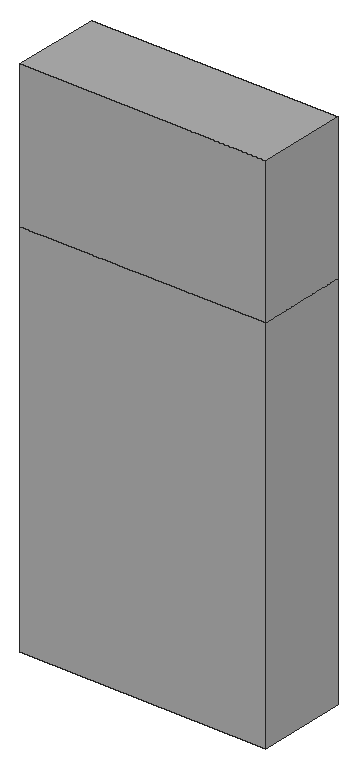
Revit family "Platek_Team Bollard_1_Opening", category Apparecchi per illuminazione, Revit 2017
Family settings
  Quota connettore circolare = Usa diametro
  Tipo di parte = Normale
  Basato su piano di lavoro = No
  Sempre verticale = Sì
  Taglio con vuoti quando caricato = No
  Sorgente d'illuminazione = Sì
  Condiviso = No
  Punto di calcolo locali = No
Parameters (values of type "3440619_17W_LED_3000K_H600mm")
  Wattage = 6.0185 W
  Variazione temperatura colore lampada con luminosità attenuata = <Nessuno>
  URL = "www.platek.eu"
  built-in parameter 1150107 = 3000 (stored number, unit not read)
  Supply Voltage Min = 220 V
  Supply Voltage Max = 240 V
  Supply Voltage = 230 V
  Rendi la forma visibile nel rendering = no
  Produttore = "PLATEK SRL"  # constant formula
  Product Page URL = "http://www.platek.eu/eng/catalogo.php?catseaname=TEAM+BOLLARD"
  Product Documentation Link = "http://www.platek.eu/eng/catalogo.php?catseaname=TEAM+BOLLARD"
  Product Dimension = "L280mm x L102mm x H600mm"
  Power Supply Unit = "Included"
  built-in parameter 1150110 = 1 (stored number, unit not read)
  built-in parameter 1150109 = 1 (stored number, unit not read)
  built-in parameter 1114218 = 1 (stored number, unit not read)
  built-in parameter 1150112 = 1 (stored number, unit not read)
  PLATEK FInishes = "Painted Aluminium Avalaible in Anthracite/Black/White/Corten/Bronze"
  PLATEK Article Code = "3440619"
  Nota chiave = "Other Led colors available on request"
  Mounting Type = "Ground"
  Modello = "TEAM BOLLARD"  # constant formula
  built-in parameter 1150137 = (empty or 0)
  built-in parameter 1150132 = 2
  Manufacturer Comment = "Weight 4,50 Kg"
  Luminaire Wattage = 17 W
  Luminaire Luminous Intensity = 724.8 cd
  Luminaire Luminous Flux = 894 lm
  Light Source = PLK_Light Source
  Lampada = "LED"
  LED Protection = "Surge protection included"
  built-in parameter 1150105 = 71.142 (stored number, unit not read)
  built-in parameter 1150102 = (empty or 0)
  Insulation Class = "2"
  Immagine tipo = Team_paletto_600_2.jpg
  built-in parameter 1150106 = 0.71142 (stored number, unit not read)
  IP Rating = "IP66"
  IK Rating = "IK 08"
  Height 434_734 = yes
  Height = if(Height 434_734, 434.000 mm, 734.000 mm)  # 434.000 mm
  Frequency = "50/60 Hz"
  Lumens = 894 lm
  Color Filter = 16777215
  File diagramma fotometrico = "3440619.IES"
  built-in parameter 1114217 = 1 (stored number, unit not read)
  built-in parameter 1150139 = (empty or 0)
  Energy Efficiency Rating = "A/A+/A++"
  Emit from Rectangle Length = 230.000 mm
  Emetti da larghezza rettangolo = 23.000 mm
  built-in parameter 1150104 = 13.8 (stored number, unit not read)
  built-in parameter 1150115 = 1 (stored number, unit not read)
  built-in parameter 1150114 = 1 (stored number, unit not read)
  built-in parameter 1150113 = 1 (stored number, unit not read)
  Dimmable = "Yes"
  Diffuse Type = "PMMA"
  Descrizione = "Outdoor Lighting, Floor/Ground Illumination"
  Commenti sul tipo = "Pedestrian areas, Urban zones, Paths, Roads"
  Colour Temperature = 3000 K
  built-in parameter 1150134 = (empty or 0)
  built-in parameter 1150138 = (empty or 0)
  Codice assieme = "3440619.06(Grey); 3440619.08(Anthracite); 3440619.01(Black); 3440619.02(White); 3440619.07(Corten); 3440619.09(Bronze)"
  Apparent Load = 0 VA
  Cable Lenght = "Max Ø 7mm"
  CRI = ">80"
  Body = PLK_Grey
  Beam Angle = 0.00°
  Angolo inclinazione = 90.00°
  Aluminium = PLK_Light Source
  built-in parameter 1150133 = 10 (stored number, unit not read)
Types (3, lengths in mm): name | Product Dimension | PLATEK Article Code | Manufacturer Comment | Immagine tipo | Height 434_734 | Height | File diagramma fotometrico | Codice assieme
  (no name) | "L280mm x L102mm x H600mm" | "3440619" | "Weight 4,50 Kg" | Team_paletto_600_2.jpg | yes | 434.000 | "3440619.IES" | "3440619.06(Grey); 3440619.08(Anthracite); 3440619.01(Black); 3440619.02(White); 3440619.07(Corten); 3440619.09(Bronze)"
  3440419_17W_LED_3000K_H900mm | "L280mm x L102mm x H900mm" | "3440419" | "Weight 7,00 Kg" | Team_paletto_900_2.jpg | no | 734.000 | "3440419.IES" | "3440419.06(Grey); 3440419.08(Anthracite); 3440419.01(Black); 3440419.02(White); 3440419.07(Corten); 3440419.09(Bronze)"
  3440619_17W_LED_3000K_H600mm | "L280mm x L102mm x H600mm" | "3440619" | "Weight 4,50 Kg" | Team_paletto_600_2.jpg | yes | 434.000 | "3440619.IES" | "3440619.06(Grey); 3440619.08(Anthracite); 3440619.01(Black); 3440619.02(White); 3440619.07(Corten); 3440619.09(Bronze)"
Reference planes
  plane 1 "Centro (Fronte/Retro)": y = 0
  plane 2: z = 0
  plane 3 "Centro (Sinistra/Destra)": x = 0
  plane 4: z = 600
  plane 5: z = 434
  plane 6: y = 51
  plane 7: y = -51
  plane 8: x = -140
  plane 9: x = 140
  plane 10: z = 575
  plane 11: z = 537
  plane 12: x = -130.5
  plane 13: y = 20
  plane 14: y = 27
  plane 15: z = 538
  plane 16: x = 130.5
  plane 17: x = -116
  plane 18: x = 116
Forms (mm)
  Extrusion 1, solid, material "PLK_Grey" <- "Body", detail levels medium+fine
    sketch origin (0, 0, 1892.5) x (-1, 0, 0) y (0, -1, 0)
      loop
        line (140, -51) -> (140, 51) -> (-140, 51) -> (-140, -51) -> (140, -51)
    from -1458.5 to -1292.5
  Extrusion 2, void
    sketch origin (0, 0, 0) x (1, 0, 0) y (0, 0, 1)
      loop
        line (-130.5, 434) -> (130.5, 434) -> (130.5, 575) -> (-130.5, 575) -> (-130.5, 434)
    from -51 to -20
  Extrusion 3, solid, material "PLK_Grey" <- "Body", detail levels medium+fine
    sketch origin (0, 0, 0) x (0, 1, 0) y (0, 0, 1)
      loop
        line (19.956, 538) -> (19.956, 434) -> (51.01, 434) -> (27, 538) -> (19.956, 538)
    from -116 to 116
  Extrusion 4, solid, material "PLK_Grey" <- "Body", detail levels medium+fine
    sketch origin (0, 0, 0) x (1, 0, 0) y (0, 0, 1)
      loop
        line (-130.5, 434) -> (-116, 434) -> (-116, 538) -> (116, 538) -> (116, 434) -> (130.5, 434) -> (130.5, 575) -> (-130.5, 575) -> (-130.5, 434)
    from -51 to -20
  Extrusion 5, solid, material "PLK_Grey" <- "Body", detail levels medium+fine
    sketch origin (0, 0, 1892.5) x (-1, 0, 0) y (0, -1, 0)
      loop
        line (140, -51) -> (140, 51) -> (-140, 51) -> (-140, -51) -> (140, -51)
    from -1892.5 to -1458.5
  Extrusion 6, solid, material "PLK_Light Source" <- "Light Source", detail levels fine
    sketch origin (0, 0, 0) x (1, 0, 0) y (0, 0, 1)
      loop
        line (-116, 538) -> (-116, 537) -> (116, 537) -> (116, 538) -> (-116, 538)
    from -51 to -27
  Extrusion 7, solid, material "PLK_Grey" <- "Body", detail levels coarse
    sketch origin (0, 0, 1892.5) x (-1, 0, 0) y (0, -1, 0)
      loop
        line (140, -51) -> (140, 51) -> (-140, 51) -> (-140, -51) -> (140, -51)
    from -1892.5 to -1292.5
Cuts and joins
  Extrusion 2 cuts Extrusion 1
Dimensions and locks
  equal spacing: plane 6, plane 1 "Centro (Fronte/Retro)", plane 7, locked at 51 each
  locked: plane 4 to plane 10 at 25
  locked: plane 10 to plane 11 at 38
  plane 9 to plane 3 "Centro (Sinistra/Destra)" to plane 8 = 140.000 mm, 140.000 mm
  plane 12 to plane 3 "Centro (Sinistra/Destra)" = 130.500 mm
  locked: plane 6 to plane 13 at 31
  plane 6 to plane 14 to plane 13 = 24.000 mm, 7.000 mm
  locked: plane 15 to plane 11 at 1
  equal spacing: plane 8, plane 3 "Centro (Sinistra/Destra)", plane 9, locked at 140 each
  plane 8 to plane 3 "Centro (Sinistra/Destra)" = 140.000 mm
  locked: plane 8 to plane 12 at 9.5
  locked: plane 16 to plane 9 at 9.5
  locked: plane 17 to plane 12 at 14.5
  locked: plane 16 to plane 18 at 14.5
  plane 4 to plane 5 = 166.000 mm
  "Height": plane 5 to level
  aligned and locked: level to plane 2
  aligned and locked: Extrusion 1 sketch curve to plane 6
  aligned and locked: plane 8 to Extrusion 1 sketch curve
  aligned and locked: plane 7 to Extrusion 1 sketch curve
  aligned and locked: Extrusion 1 sketch curve to plane 9
  aligned and locked: Extrusion 1 to plane 5
  aligned and locked: plane 4 to Extrusion 1
  aligned and locked: Extrusion 2 sketch curve to plane 5
  aligned and locked: Extrusion 2 sketch curve to plane 12
  aligned and locked: plane 10 to Extrusion 2 sketch curve
  aligned and locked: Extrusion 3 to plane 17
  aligned and locked: plane 18 to Extrusion 3
  aligned and locked: Extrusion 3 to plane 5
  aligned and locked: plane 15 to Extrusion 3
  aligned and locked: plane 16 to Extrusion 2
  aligned and locked: plane 6 to Extrusion 4
  aligned and locked: plane 13 to Extrusion 4
  aligned and locked: Extrusion 5 sketch curve to cut or joined group of Extrusion 1, Extrusion 2  (x4)
  aligned and locked: Extrusion 5 to level
  aligned and locked: plane 5 to Extrusion 5
  aligned and locked: Extrusion 6 sketch curve to Extrusion 3  (x2)
  aligned and locked: plane 11 to Extrusion 6 sketch curve
  aligned and locked: Extrusion 6 sketch curve to plane 18
  aligned and locked: plane 6 to Extrusion 6
  aligned and locked: plane 14 to Extrusion 6
  aligned and locked: Extrusion 7 sketch curve to cut or joined group of Extrusion 1, Extrusion 2  (x4)
  aligned and locked: Extrusion 7 to level
  aligned and locked: plane 4 to Extrusion 7
  aligned and locked: plane 11 to imposter light
  aligned and locked: imposter light to plane 3 "Centro (Sinistra/Destra)"
Automatic sketch dimensions
  Extrusion 3 sketch curve to plane 15 = 0.000 mm
  plane 13 to Extrusion 3 sketch curve = 0.044 mm
  Extrusion 3 sketch curve to plane 14 = 0.000 mm
  plane 6 to Extrusion 3 sketch curve = 0.010 mm
  Extrusion 3 sketch curve to plane 5 = 0.000 mm
  plane 18 to Extrusion 2 sketch curve = 14.500 mm
  Extrusion 4 sketch curve to plane 12 = 0.000 mm
  Extrusion 4 sketch curve to plane 10 = 0.000 mm
  Extrusion 4 sketch curve to plane 17 = 0.000 mm
  Extrusion 4 sketch curve to plane 5 = 0.000 mm  (x2)
  Extrusion 4 sketch curve to plane 18 = 0.000 mm
  Extrusion 4 sketch curve to plane 16 = 0.000 mm
  Extrusion 4 sketch curve to plane 15 = 0.000 mm
Connectors
  electrical at (0, 0, 0)
    settings: on Extrusion 5, index 1, voltage 0 V, apparent load 0 VA, apparent load phase1 0 VA, apparent load phase2 0 VA, apparent load phase3 0 VA, power factor 1, load classification "Altro", number of poles 1, system type 31, power factor state 1, is connector primary yes, connector utility no, sub classification motor no, connector description ""
